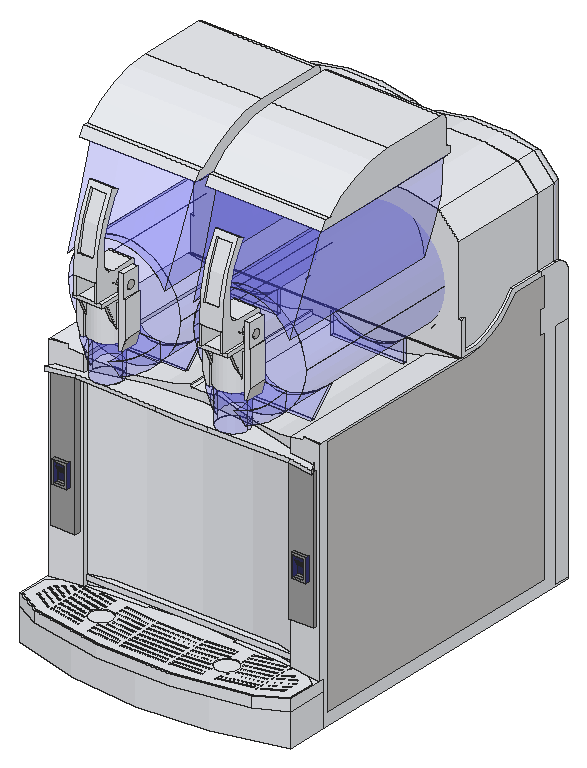
Revit family "QF_ELECTROLUXPROFESSIONAL_560050_NINA2UK", category Specialty Equipment, Revit 2018
Family settings
  Round Connector Dimension = Use Diameter
  Part Type = Normal
  Work Plane-Based = No
  Always vertical = Yes
  Cut with Voids When Loaded = No
  Shared = No
  Room Calculation Point = No
Parameters (values of type "QF_ELECTROLUX_560050_NINA2UK.rfa")
  Weight = 26.00 kg
  Watts = 0 W
  Volts = 230 V
  URL Manufacturer = "http://professional.electrolux.com"
  URL = "http://professional.electrolux.com"
  Steam Supply Size = 0 mm
  Steam Supply Minimum Pressure = 0.0 Pa
  Steam Supply Maximum Pressure = 0.0 Pa
  Steam Pounds per Hour = 0
  Refrigeration Suction Line Size = 0 mm
  Refrigeration Liquid Line Size = 0 mm
  Refrigerant Compressor Remote = yes
  Manufacturer = "Electrolux"
  Phase = 1
  Model = "NINA2UK"
  Length Actual = 280.0 mm  # constant formula
  Item Number = "560050"
  Hot Water Size = 0 mm
  Height Actual = 477.0 mm  # constant formula
  HP = "0.7 HP"
  Gas Size = 0 mm
  Gas KW = 0
  Gas Input Pressure = 0 W
  Direct Waste Size = 0 mm
  Description = "1X2 LT BOWL - FROZEN CREAM DISPENSER - 2 NON INSULATED BOWLS - WHITE - UK"
  Depth Actual = 387.0 mm  # constant formula
  Cycle = 50 Hz
  Condensate Return Size = 0 mm
  Compressed Air Volume = 0.0 L/s
  Compressed Air Size = 0 mm
  Compressed Air Pressure = 0.0 Pa
  Cold Water Size = 0 mm
  Accessory = yes
Reference planes
  plane 1 "Center (Front/Back)": y = 0
  plane 2 "BASE": z = 0
  plane 3 "Center (Left/Right)": x = 0
  plane 4 "FEET": z = 10
  plane 5 "FRONT": y = -175
  plane 6 "BACK": y = 212.5
  plane 7 "LEFT": x = -140
  plane 8 "RIGHT": x = 140
  plane 9: y = 152.5
  plane 10: y = -118.5
  plane 11: y = -77.5
  plane 12: z = 498
Forms (mm)
  Extrusion 1, solid, material "QF_Finishes_White"
    sketch origin (0, 0, 10) x (-1, 0, 0) y (0, -1, 0)
      loop
        line (140, -212.5) -> (140, 111) -> (-140, 111) -> (-140, -212.5) -> (140, -212.5)
    from 0 to 2
  Extrusion 2, solid, material "QF_Finishes_White"
    sketch origin (0, -5, 10) x (-1, 0, 0) y (0, -1, 0)
      loop
        line (140, 103.5) -> (106.954, 98.856) -> (106.954, 95.826)
        arc (106.954, 95.826) -> (0, 77.869) -> (-106.954, 95.826) r 327.496
        line (-106.954, 95.826) -> (-106.954, 98.856) -> (-140, 103.5) -> (-140, -201.772) -> (140, -201.772) -> (140, 103.5)
    from 265 to 0
  Extrusion 3, solid, material "QF_Finishes_Rubber Black"
    sketch origin (0, 0, 0) x (1, 0, 0) y (0, 1, 0)
      loop
        circle (-120, -77.5) r 6
    from 0 to 6
  Extrusion 4, solid, material "QF_Finishes_Rubber Black"
    sketch origin (0, 0, 0) x (1, 0, 0) y (0, 1, 0)
      loop
        circle (-120, -77.5) r 8
    from 6 to 10
  Extrusion 5, solid, material "QF_Finishes_Rubber Black"
    sketch origin (120, 0, 0) x (1, 0, 0) y (0, 1, 0)
      loop
        circle (0, -77.5) r 6
    from 0 to 6
  Extrusion 6, solid, material "QF_Finishes_Rubber Black"
    sketch origin (120, 0, 0) x (1, 0, 0) y (0, 1, 0)
      loop
        circle (0, -77.5) r 8
    from 6 to 10
  Extrusion 7, solid, material "QF_Finishes_Rubber Black"
    sketch origin (0, 210, 0) x (1, 0, 0) y (0, 1, 0)
      loop
        circle (-120, -57.5) r 6
    from 0 to 6
  Extrusion 8, solid, material "QF_Finishes_Rubber Black"
    sketch origin (0, 210, 0) x (1, 0, 0) y (0, 1, 0)
      loop
        circle (-120, -57.5) r 8
    from 6 to 10
  Extrusion 9, solid, material "QF_Finishes_Rubber Black"
    sketch origin (120, 210, 0) x (1, 0, 0) y (0, 1, 0)
      loop
        circle (0, -57.5) r 6
    from 0 to 6
  Extrusion 10, solid, material "QF_Finishes_Rubber Black"
    sketch origin (120, 210, 0) x (1, 0, 0) y (0, 1, 0)
      loop
        circle (0, -57.5) r 8
    from 6 to 10
  Extrusion 11, void
    sketch origin (0, -175, 0) x (-1, 0, 0) y (0, 0, 1)
      loop
        line (-106.954, 269.173) -> (-106.954, 266.696)
        arc (-106.954, 266.696) -> (-60, 258.966) -> (-13.046, 266.696) r 146.469
        line (-13.046, 266.696) -> (-13.046, 265.525)
        arc (-13.046, 265.525) -> (-12.46, 264.111) -> (-11.046, 263.525) r 2
        line (-11.046, 263.525) -> (11.046, 263.525)
        arc (11.046, 263.525) -> (12.46, 264.111) -> (13.046, 265.525) r 2
        line (13.046, 265.525) -> (13.046, 266.696)
        arc (13.046, 266.696) -> (60, 258.966) -> (106.954, 266.696) r 146.469
        line (106.954, 266.696) -> (106.954, 269.173) -> (140, 275) -> (140, 295) -> (-140, 295) -> (-140, 275) -> (-106.954, 269.173)
    from 69 to 247.582
  Extrusion 12, solid, material "QF_Finishes_White"
    sketch origin (0, 212.5, 0) x (-1, 0, 0) y (0, 0, 1)
      loop
        line (-140, 251.153) -> (140, 251.153) -> (140, 309.757) -> (137, 309.757) -> (137, 381.299) -> (116.549, 404.013)
        arc (116.549, 404.013) -> (65, 410.949) -> (13.451, 404.013) r 195.011
        line (13.451, 404.013) -> (0, 398.849) -> (-13.451, 404.013)
        arc (-13.451, 404.013) -> (-65, 410.949) -> (-116.549, 404.013) r 195.011
        line (-116.549, 404.013) -> (-137, 381.299) -> (-137, 309.747) -> (-140, 309.747) -> (-140, 251.153)
    from 0 to -35
  Sweep 13, void
    path origin (0, 212.5, 0) x (-1, 0, 0) y (0, 0, 1)
      loop
        line (140, 309.757) -> (137, 309.757) -> (137, 381.299) -> (116.549, 404.013)
        arc (116.549, 404.013) -> (65, 410.949) -> (13.451, 404.013) r 195.011
        line (13.451, 404.013) -> (0, 398.849) -> (-13.451, 404.013)
        arc (-13.451, 404.013) -> (-65, 410.949) -> (-116.549, 404.013) r 195.011
        line (-116.549, 404.013) -> (-137, 381.299) -> (-137, 309.747) -> (-140, 309.747)
    profile origin (126.774, 212.5, 392.656) x (-0.743145, 0, -0.669131) y (0, 1, 0)
      loop
        line (0, 0) -> (0, -14)
        arc (0, -14) -> (4.101, -4.101) -> (14, 0) r 14
        line (14, 0) -> (0, 0)
  Extrusion 14, void
    sketch origin (0, 212.5, 0) x (-1, 0, 0) y (0, 0, 1)
      loop
        line (16.817, 275.021) -> (113.183, 275.021) -> (113.183, 365.145)
        arc (113.183, 365.145) -> (65, 375.392) -> (16.817, 365.145) r 118.404
        line (16.817, 365.145) -> (16.817, 275.021)
      loop
        line (-16.817, 275.021) -> (-16.817, 365.145)
        arc (-16.817, 365.145) -> (-65, 375.392) -> (-113.183, 365.145) r 118.404
        line (-113.183, 365.145) -> (-113.183, 275.021) -> (-16.817, 275.021)
    from 0 to -5
  Extrusion 15, solid, material "QF_Finishes_White"
    sketch origin (0, 212.5, 0) x (-1, 0, 0) y (0, 0, 1)
      loop
        line (-140, 251.153) -> (-140, 12) -> (-56.141, 12) -> (-56.141, 40.419) -> (56.141, 40.419) -> (56.141, 12) -> (140, 12) -> (140, 251.153) -> (-140, 251.153)
    from 0 to -15.728
  Extrusion 16, solid, material "QF_Finishes_White"
    sketch origin (0, 0, 23) x (0, 1, 0) y (0, 0, 1)
      loop
        line (182.5, 250) -> (182.5, 281.747) -> (144.485, 281.747)
        arc (144.485, 281.747) -> (116.312, 257.654) -> (80.04, 250) r 74.988
        line (80.04, 250) -> (182.5, 250)
    from -80 to -75
  Extrusion 17, void
    sketch origin (140, 0, 0) x (0, -1, 0) y (0, 0, 1)
      loop
        line (-144.485, 304.747) -> (-182.5, 304.747) -> (-182.5, 274.585) -> (-98.821, 274.585)
        arc (-98.821, 274.585) -> (-124.503, 285.352) -> (-144.485, 304.747) r 74.988
    from 2 to 0
  Extrusion 18, void
    sketch origin (80, 0, 25) x (0, 1, 0) y (0, 0, -1)
      loop
        line (182.5, -250) -> (182.5, -245) -> (80.082, -245) -> (80.082, -248) -> (86.308, -248)
        arc (86.308, -248) -> (93.529, -248.653) -> (100.653, -250) r 74.988
        line (100.653, -250) -> (182.5, -250)
    from 0 to 2
  Extrusion 19, solid, material "QF_Finishes_Stainless Steel"
    sketch origin (140, 0, 0) x (0, -1, 0) y (0, 0, 1)
      loop
        line (-182.5, 22) -> (98.5, 22) -> (98.5, 273) -> (-86.308, 273)
        arc (-86.308, 273) -> (-93.529, 273.653) -> (-100.653, 275) r 74.988
        arc (-100.653, 275) -> (-125.283, 285.874) -> (-144.485, 304.747) r 74.988
        line (-144.485, 304.747) -> (-182.5, 304.747) -> (-182.5, 22)
    from 0 to 2
  Extrusion 20, solid, material "QF_Finishes_White"
    sketch origin (0, 212.5, 0) x (-1, 0, 0) y (0, 0, 1)
      loop
        line (13.451, 404.013) -> (0, 389.073) -> (-13.451, 404.013)
        arc (-13.451, 404.013) -> (-65, 410.949) -> (-116.549, 404.013) r 195.011
        line (-116.549, 404.013) -> (-137, 381.299) -> (-137, 309.747) -> (-140, 309.747) -> (-140, 275) -> (140, 275) -> (140, 309.757) -> (137, 309.757) -> (137, 381.299) -> (116.549, 404.013)
        arc (116.549, 404.013) -> (65, 410.949) -> (13.451, 404.013) r 195.011
    from -137.418 to -35
  Extrusion 21, solid, material "QF_Plastic-Black-Matte"
    sketch origin (-140, -10.476, 25) x (0, 1, 0) y (0, 0, 1)
      loop
        line (-98.024, 125.394) -> (-98.024, 139.994)
        arc (-98.024, 139.994) -> (-101.113, 140.604) -> (-103.877, 139.098) r 4.629
        line (-103.877, 139.098) -> (-100.57, 133.042) -> (-100.57, 125.394) -> (-98.024, 125.394)
    from 12.243 to 20.243
  Extrusion 22, solid, material "QF_Finishes_White"
    sketch origin (0, 0, 0) x (1, 0, 0) y (0, 1, 0)
      loop
        line (-140, -103.5) -> (-140, -145.5)
        arc (-140, -145.5) -> (0, -170.312) -> (140, -145.5) r 407.377
        line (140, -145.5) -> (140, -103.5) -> (106.954, -98.856) -> (106.954, -95.826)
        arc (106.954, -95.826) -> (0, -77.869) -> (-106.954, -95.826) r 327.496
        line (-106.954, -95.826) -> (-106.954, -98.856) -> (-140, -103.5)
    from 44.115 to 10
  Extrusion 23, solid, material "QF_Finishes_White"
    sketch origin (0, -175, 0) x (-1, 0, 0) y (0, 0, 1)
      loop
        line (106.954, 65.505) -> (-106.954, 65.505) -> (-106.954, 60.037) -> (106.954, 60.037) -> (106.954, 65.505)
    from 73.644 to 80.22
  Extrusion 24, void
    sketch origin (0, 0, 0) x (1, 0, 0) y (0, 1, 0)
      loop
        line (-138, -105.239) -> (-138, -137.462) -> (-109.325, -153.356)
        arc (-109.325, -153.356) -> (0, -167) -> (109.325, -153.356) r 444.831
        line (109.325, -153.356) -> (138, -137.462) -> (138, -105.239) -> (104.954, -100.594) -> (104.954, -97.548)
        arc (104.954, -97.548) -> (0, -80.148) -> (-104.954, -97.548) r 325.218
        line (-104.954, -97.548) -> (-104.954, -100.594) -> (-138, -105.239)
    from 55.5 to 23.889
  Extrusion 25, solid, material "QF_Finishes_White"
    sketch origin (0, 0, 0) x (1, 0, 0) y (0, 1, 0)
      loop
        line (-44.954, -100.084) -> (-123.341, -104.427) -> (-138, -116.081) -> (-138, -144.322) -> (-111.556, -158.98)
        arc (-111.556, -158.98) -> (0, -173) -> (111.556, -158.98) r 450.831
        line (111.556, -158.98) -> (138, -144.322) -> (138, -116.081) -> (123.341, -104.427) -> (44.954, -100.594) -> (44.954, -97.548)
        arc (44.954, -97.548) -> (0, -94.283) -> (-44.954, -97.548) r 311.082
        line (-44.954, -97.548) -> (-44.954, -100.084)
      loop
        circle (-65, -134.447) r 11.53
      loop
        arc (-104.707, -150.384) -> (-88.083, -154.11) -> (-71.328, -157.191) r 440.831
        line (-71.328, -157.191) -> (-71.328, -155.164)
        arc (-71.328, -155.164) -> (-88.084, -152.069) -> (-104.707, -148.325) r 438.831
        line (-104.707, -148.325) -> (-104.707, -150.384)
      loop
        line (-104.707, -105.973) -> (-104.707, -108.046)
        arc (-104.707, -108.046) -> (-88.098, -112.174) -> (-71.328, -115.586) r 399.831
        line (-71.328, -115.586) -> (-71.328, -113.554)
        arc (-71.328, -113.554) -> (-88.099, -110.123) -> (-104.707, -105.973) r 397.831
      loop
        arc (-104.707, -145.235) -> (-88.085, -149.006) -> (-71.328, -152.124) r 435.831
        line (-71.328, -152.124) -> (-71.328, -150.096)
        arc (-71.328, -150.096) -> (-88.086, -146.963) -> (-104.707, -143.175) r 433.831
        line (-104.707, -143.175) -> (-104.707, -145.235)
      loop
        arc (-104.707, -139.052) -> (-89.496, -142.58) -> (-74.168, -145.553) r 429.831
        line (-74.168, -145.553) -> (-74.168, -143.522)
        arc (-74.168, -143.522) -> (-89.497, -140.534) -> (-104.707, -136.989) r 427.831
        line (-104.707, -136.989) -> (-104.707, -139.052)
      loop
        arc (-104.707, -132.862) -> (-91.331, -136.043) -> (-77.858, -138.787) r 423.831
        line (-77.858, -138.787) -> (-77.858, -136.753)
        arc (-77.858, -136.753) -> (-91.331, -133.994) -> (-104.707, -130.798) r 421.831
        line (-104.707, -130.798) -> (-104.707, -132.862)
      loop
        arc (-104.707, -126.668) -> (-91.332, -129.896) -> (-77.858, -132.682) r 417.831
        line (-77.858, -132.682) -> (-77.858, -130.646)
        arc (-77.858, -130.646) -> (-91.333, -127.846) -> (-104.707, -124.601) r 415.831
        line (-104.707, -124.601) -> (-104.707, -126.668)
      loop
        arc (-104.707, -120.467) -> (-90.026, -124.04) -> (-75.223, -127.072) r 411.831
        line (-75.223, -127.072) -> (-75.223, -125.037)
        arc (-75.223, -125.037) -> (-90.027, -121.99) -> (-104.707, -118.399) r 409.831
        line (-104.707, -118.399) -> (-104.707, -120.467)
      loop
        arc (-104.707, -114.26) -> (-88.096, -118.323) -> (-71.328, -121.683) r 405.831
        line (-71.328, -121.683) -> (-71.328, -119.651)
        arc (-71.328, -119.651) -> (-88.097, -116.274) -> (-104.707, -112.189) r 403.831
        line (-104.707, -112.189) -> (-104.707, -114.26)
      loop
        arc (-88.807, -105.857) -> (-80.088, -107.771) -> (-71.328, -109.487) r 393.831
        line (-71.328, -109.487) -> (-71.328, -107.453)
        arc (-71.328, -107.453) -> (-80.088, -105.728) -> (-88.807, -103.804) r 391.831
        line (-88.807, -103.804) -> (-88.807, -105.857)
      loop
        line (-58.672, -109.582) -> (-58.672, -111.605)
        arc (-58.672, -111.605) -> (-42.843, -113.663) -> (-26.943, -115.077) r 393.831
        line (-26.943, -115.077) -> (-26.943, -113.073)
        arc (-26.943, -113.073) -> (-42.843, -111.651) -> (-58.672, -109.582) r 391.831
      loop
        line (-58.672, -157.06) -> (-58.672, -159.078)
        arc (-58.672, -159.078) -> (-42.835, -160.914) -> (-26.943, -162.176) r 440.831
        line (-26.943, -162.176) -> (-26.943, -160.172)
        arc (-26.943, -160.172) -> (-42.836, -158.904) -> (-58.672, -157.06) r 438.831
      loop
        arc (-58.672, -154.033) -> (-42.836, -155.89) -> (-26.943, -157.166) r 435.831
        line (-26.943, -157.166) -> (-26.943, -155.163)
        arc (-26.943, -155.163) -> (-42.836, -153.88) -> (-58.672, -152.014) r 433.831
        line (-58.672, -152.014) -> (-58.672, -154.033)
      loop
        arc (-58.672, -147.977) -> (-42.837, -149.86) -> (-26.943, -151.155) r 429.831
        line (-26.943, -151.155) -> (-26.943, -149.151)
        arc (-26.943, -149.151) -> (-42.837, -147.85) -> (-58.672, -145.958) r 427.831
        line (-58.672, -145.958) -> (-58.672, -147.977)
      loop
        arc (-53, -142.673) -> (-39.99, -144.109) -> (-26.943, -145.143) r 423.831
        line (-26.943, -145.143) -> (-26.943, -143.139)
        arc (-26.943, -143.139) -> (-39.991, -142.1) -> (-53, -140.657) r 421.831
        line (-53, -140.657) -> (-53, -142.673)
      loop
        arc (-51.012, -136.874) -> (-38.993, -138.177) -> (-26.943, -139.13) r 417.831
        line (-26.943, -139.13) -> (-26.943, -137.126)
        arc (-26.943, -137.126) -> (-38.994, -136.168) -> (-51.012, -134.859) r 415.831
        line (-51.012, -134.859) -> (-51.012, -136.874)
      loop
        arc (-51.012, -130.829) -> (-38.994, -132.15) -> (-26.943, -133.118) r 411.831
        line (-26.943, -133.118) -> (-26.943, -131.113)
        arc (-26.943, -131.113) -> (-38.994, -130.141) -> (-51.012, -128.813) r 409.831
        line (-51.012, -128.813) -> (-51.012, -130.829)
      loop
        arc (-58.672, -123.736) -> (-42.841, -125.732) -> (-26.943, -127.105) r 405.831
        line (-26.943, -127.105) -> (-26.943, -125.1)
        arc (-26.943, -125.1) -> (-42.841, -123.721) -> (-58.672, -121.715) r 403.831
        line (-58.672, -121.715) -> (-58.672, -123.736)
      loop
        arc (-58.672, -117.672) -> (-42.842, -119.698) -> (-26.943, -121.091) r 399.831
        line (-26.943, -121.091) -> (-26.943, -119.087)
        arc (-26.943, -119.087) -> (-42.842, -117.686) -> (-58.672, -115.65) r 397.831
        line (-58.672, -115.65) -> (-58.672, -117.672)
      loop
        arc (23.123, -113.317) -> (0, -114) -> (-23.123, -113.317) r 391.831
        line (-23.123, -113.317) -> (-23.123, -115.321)
        arc (-23.123, -115.321) -> (0, -116) -> (23.123, -115.321) r 393.831
        line (23.123, -115.321) -> (23.123, -113.317)
      loop
        arc (23.123, -119.327) -> (0, -120) -> (-23.123, -119.327) r 397.831
        line (-23.123, -119.327) -> (-23.123, -121.331)
        arc (-23.123, -121.331) -> (0, -122) -> (23.123, -121.331) r 399.831
        line (23.123, -121.331) -> (23.123, -119.327)
      loop
        arc (23.123, -125.337) -> (0, -126) -> (-23.123, -125.337) r 403.831
        line (-23.123, -125.337) -> (-23.123, -127.341)
        arc (-23.123, -127.341) -> (0, -128) -> (23.123, -127.341) r 405.831
        line (23.123, -127.341) -> (23.123, -125.337)
      loop
        arc (23.123, -131.347) -> (0, -132) -> (-23.123, -131.347) r 409.831
        line (-23.123, -131.347) -> (-23.123, -133.35)
        arc (-23.123, -133.35) -> (0, -134) -> (23.123, -133.35) r 411.831
        line (23.123, -133.35) -> (23.123, -131.347)
      loop
        arc (23.123, -137.357) -> (0, -138) -> (-23.123, -137.357) r 415.831
        line (-23.123, -137.357) -> (-23.123, -139.36)
        arc (-23.123, -139.36) -> (0, -140) -> (23.123, -139.36) r 417.831
        line (23.123, -139.36) -> (23.123, -137.357)
      loop
        arc (23.123, -143.366) -> (0, -144) -> (-23.123, -143.366) r 421.831
        line (-23.123, -143.366) -> (-23.123, -145.369)
        arc (-23.123, -145.369) -> (0, -146) -> (23.123, -145.369) r 423.831
        line (23.123, -145.369) -> (23.123, -143.366)
      loop
        arc (23.123, -149.375) -> (0, -150) -> (-23.123, -149.375) r 427.831
        line (-23.123, -149.375) -> (-23.123, -151.378)
        arc (-23.123, -151.378) -> (0, -152) -> (23.123, -151.378) r 429.831
        line (23.123, -151.378) -> (23.123, -149.375)
      loop
        arc (23.123, -155.383) -> (0, -156) -> (-23.123, -155.383) r 433.831
        line (-23.123, -155.383) -> (-23.123, -157.386)
        arc (-23.123, -157.386) -> (0, -158) -> (23.123, -157.386) r 435.831
        line (23.123, -157.386) -> (23.123, -155.383)
      loop
        arc (23.123, -160.39) -> (0, -161) -> (-23.123, -160.39) r 438.831
        line (-23.123, -160.39) -> (-23.123, -162.393)
        arc (-23.123, -162.393) -> (0, -163) -> (23.123, -162.393) r 440.831
        line (23.123, -162.393) -> (23.123, -160.39)
      loop
        line (-128, -138.431) -> (-107.36, -149.872) -> (-107.36, -147.586) -> (-128, -136.145) -> (-128, -138.431)
      loop
        line (-128, -131.571) -> (-107.36, -143.012) -> (-107.36, -140.725) -> (-128, -129.285) -> (-128, -131.571)
      loop
        line (-128, -124.711) -> (-107.36, -136.152) -> (-107.36, -133.865) -> (-128, -122.425) -> (-128, -124.711)
      loop
        line (-125.736, -119.106) -> (-107.36, -129.292) -> (-107.36, -127.005) -> (-124.042, -117.759) -> (-125.736, -119.106)
      loop
        line (-120.652, -115.064) -> (-107.36, -122.432) -> (-107.36, -120.145) -> (-118.958, -113.717) -> (-120.652, -115.064)
      loop
        line (-115.568, -111.022) -> (-107.36, -115.572) -> (-107.36, -113.285) -> (-113.873, -109.675) -> (-115.568, -111.022)
      loop
        line (-110.484, -106.98) -> (-107.36, -108.712) -> (-107.36, -106.425) -> (-108.789, -105.633) -> (-110.484, -106.98)
      loop
        circle (65, -134.447) r 11.53
      loop
        line (104.707, -150.384) -> (104.707, -148.325)
        arc (104.707, -148.325) -> (88.084, -152.069) -> (71.328, -155.164) r 438.831
        line (71.328, -155.164) -> (71.328, -157.191)
        arc (71.328, -157.191) -> (88.083, -154.11) -> (104.707, -150.384) r 440.831
      loop
        arc (104.707, -105.973) -> (88.099, -110.123) -> (71.328, -113.554) r 397.831
        line (71.328, -113.554) -> (71.328, -115.586)
        arc (71.328, -115.586) -> (88.098, -112.174) -> (104.707, -108.046) r 399.831
        line (104.707, -108.046) -> (104.707, -105.973)
      loop
        line (104.707, -145.235) -> (104.707, -143.175)
        arc (104.707, -143.175) -> (88.086, -146.963) -> (71.328, -150.096) r 433.831
        line (71.328, -150.096) -> (71.328, -152.124)
        arc (71.328, -152.124) -> (88.085, -149.006) -> (104.707, -145.235) r 435.831
      loop
        line (104.707, -139.052) -> (104.707, -136.989)
        arc (104.707, -136.989) -> (89.497, -140.534) -> (74.168, -143.522) r 427.831
        line (74.168, -143.522) -> (74.168, -145.553)
        arc (74.168, -145.553) -> (89.496, -142.58) -> (104.707, -139.052) r 429.831
      loop
        line (104.707, -132.862) -> (104.707, -130.798)
        arc (104.707, -130.798) -> (91.331, -133.994) -> (77.858, -136.753) r 421.831
        line (77.858, -136.753) -> (77.858, -138.787)
        arc (77.858, -138.787) -> (91.331, -136.043) -> (104.707, -132.862) r 423.831
      loop
        line (104.707, -126.668) -> (104.707, -124.601)
        arc (104.707, -124.601) -> (91.333, -127.846) -> (77.858, -130.646) r 415.831
        line (77.858, -130.646) -> (77.858, -132.682)
        arc (77.858, -132.682) -> (91.332, -129.896) -> (104.707, -126.668) r 417.831
      loop
        line (104.707, -120.467) -> (104.707, -118.399)
        arc (104.707, -118.399) -> (90.027, -121.99) -> (75.223, -125.037) r 409.831
        line (75.223, -125.037) -> (75.223, -127.072)
        arc (75.223, -127.072) -> (90.026, -124.04) -> (104.707, -120.467) r 411.831
      loop
        line (104.707, -114.26) -> (104.707, -112.189)
        arc (104.707, -112.189) -> (88.097, -116.274) -> (71.328, -119.651) r 403.831
        line (71.328, -119.651) -> (71.328, -121.683)
        arc (71.328, -121.683) -> (88.096, -118.323) -> (104.707, -114.26) r 405.831
      loop
        line (88.807, -105.857) -> (88.807, -103.804)
        arc (88.807, -103.804) -> (80.088, -105.728) -> (71.328, -107.453) r 391.831
        line (71.328, -107.453) -> (71.328, -109.487)
        arc (71.328, -109.487) -> (80.088, -107.771) -> (88.807, -105.857) r 393.831
      loop
        arc (58.672, -109.582) -> (42.843, -111.651) -> (26.943, -113.073) r 391.831
        line (26.943, -113.073) -> (26.943, -115.077)
        arc (26.943, -115.077) -> (42.843, -113.663) -> (58.672, -111.605) r 393.831
        line (58.672, -111.605) -> (58.672, -109.582)
      loop
        arc (58.672, -157.06) -> (42.836, -158.904) -> (26.943, -160.172) r 438.831
        line (26.943, -160.172) -> (26.943, -162.176)
        arc (26.943, -162.176) -> (42.835, -160.914) -> (58.672, -159.078) r 440.831
        line (58.672, -159.078) -> (58.672, -157.06)
      loop
        line (58.672, -154.033) -> (58.672, -152.014)
        arc (58.672, -152.014) -> (42.836, -153.88) -> (26.943, -155.163) r 433.831
        line (26.943, -155.163) -> (26.943, -157.166)
        arc (26.943, -157.166) -> (42.836, -155.89) -> (58.672, -154.033) r 435.831
      loop
        line (58.672, -147.977) -> (58.672, -145.958)
        arc (58.672, -145.958) -> (42.837, -147.85) -> (26.943, -149.151) r 427.831
        line (26.943, -149.151) -> (26.943, -151.155)
        arc (26.943, -151.155) -> (42.837, -149.86) -> (58.672, -147.977) r 429.831
      loop
        line (53, -142.673) -> (53, -140.657)
        arc (53, -140.657) -> (39.991, -142.1) -> (26.943, -143.139) r 421.831
        line (26.943, -143.139) -> (26.943, -145.143)
        arc (26.943, -145.143) -> (39.99, -144.109) -> (53, -142.673) r 423.831
      loop
        line (51.012, -136.874) -> (51.012, -134.859)
        arc (51.012, -134.859) -> (38.994, -136.168) -> (26.943, -137.126) r 415.831
        line (26.943, -137.126) -> (26.943, -139.13)
        arc (26.943, -139.13) -> (38.993, -138.177) -> (51.012, -136.874) r 417.831
      loop
        line (51.012, -130.829) -> (51.012, -128.813)
        arc (51.012, -128.813) -> (38.994, -130.141) -> (26.943, -131.113) r 409.831
        line (26.943, -131.113) -> (26.943, -133.118)
        arc (26.943, -133.118) -> (38.994, -132.15) -> (51.012, -130.829) r 411.831
      loop
        line (58.672, -123.736) -> (58.672, -121.715)
        arc (58.672, -121.715) -> (42.841, -123.721) -> (26.943, -125.1) r 403.831
        line (26.943, -125.1) -> (26.943, -127.105)
        arc (26.943, -127.105) -> (42.841, -125.732) -> (58.672, -123.736) r 405.831
      loop
        line (58.672, -117.672) -> (58.672, -115.65)
        arc (58.672, -115.65) -> (42.842, -117.686) -> (26.943, -119.087) r 397.831
        line (26.943, -119.087) -> (26.943, -121.091)
        arc (26.943, -121.091) -> (42.842, -119.698) -> (58.672, -117.672) r 399.831
      loop
        line (128, -138.431) -> (128, -136.145) -> (107.36, -147.586) -> (107.36, -149.872) -> (128, -138.431)
      loop
        line (128, -131.571) -> (128, -129.285) -> (107.36, -140.725) -> (107.36, -143.012) -> (128, -131.571)
      loop
        line (128, -124.711) -> (128, -122.425) -> (107.36, -133.865) -> (107.36, -136.152) -> (128, -124.711)
      loop
        line (125.736, -119.106) -> (124.042, -117.759) -> (107.36, -127.005) -> (107.36, -129.292) -> (125.736, -119.106)
      loop
        line (120.652, -115.064) -> (118.958, -113.717) -> (107.36, -120.145) -> (107.36, -122.432) -> (120.652, -115.064)
      loop
        line (115.568, -111.022) -> (113.873, -109.675) -> (107.36, -113.285) -> (107.36, -115.572) -> (115.568, -111.022)
      loop
        line (110.484, -106.98) -> (108.789, -105.633) -> (107.36, -106.425) -> (107.36, -108.712) -> (110.484, -106.98)
    from 50.2 to 55.5
  Extrusion 26, void
    sketch origin (0, 0, 0) x (1, 0, 0) y (0, 1, 0)
      loop
        line (-110, 212.5) -> (-25.251, 187.751) -> (-25.251, 177.5) -> (25.251, 177.5) -> (25.251, 187.751) -> (110, 212.5) -> (-110, 212.5)
    from 10 to 44.899
  Extrusion 27, solid, material "QF_Finishes_Rubber Black"
    sketch origin (0, 212.5, 0) x (-1, 0, 0) y (0, 0, 1)
      loop
        circle (0, 25.877) r 10
    from -24.749 to -18.988
  Extrusion 28, solid, material "QF_Finishes_Gray"
    sketch origin (0, -175, 23.376) x (1, 0, 0) y (0, 0, -1)
      loop
        line (-110.904, -226.255) -> (-110.904, -81.255) -> (-135.904, -81.255) -> (-135.904, -226.255) -> (-110.904, -226.255)
    from 64 to 71.144
  Extrusion 29, solid, material "QF_Finishes_Dark Grey"
    sketch origin (0, -175, 25) x (1, 0, 0) y (0, 0, -1)
      loop
        line (-116.257, -145.034) -> (-116.257, -121.212) -> (-131.257, -121.212) -> (-131.257, -145.034) -> (-116.257, -145.034)
      loop
        line (-118.257, -143.034) -> (-118.257, -123.212) -> (-129.257, -123.212) -> (-129.257, -143.034) -> (-118.257, -143.034)
    from 60 to 68
  Extrusion 30, solid, material "QF_Plastic-Black-Matte"
    sketch origin (140, -10.476, 25) x (0, 1, 0) y (0, 0, -1)
      loop
        line (-98.024, -125.394) -> (-100.57, -125.394) -> (-100.57, -133.042) -> (-103.877, -139.098)
        arc (-103.877, -139.098) -> (-101.113, -140.604) -> (-98.024, -139.994) r 4.629
        line (-98.024, -139.994) -> (-98.024, -125.394)
    from 12.243 to 20.243
  Extrusion 31, solid, material "QF_Finishes_Gray"
    sketch origin (0, -175, 23.376) x (-1, 0, 0) y (0, 0, 1)
      loop
        line (-110.904, 226.255) -> (-135.904, 226.255) -> (-135.904, 81.255) -> (-110.904, 81.255) -> (-110.904, 226.255)
    from 64 to 71.144
  Extrusion 32, solid, material "QF_Finishes_Dark Grey"
    sketch origin (0, -175, 25) x (-1, 0, 0) y (0, 0, 1)
      loop
        line (-116.257, 145.034) -> (-131.257, 145.034) -> (-131.257, 121.212) -> (-116.257, 121.212) -> (-116.257, 145.034)
      loop
        line (-118.257, 143.034) -> (-129.257, 143.034) -> (-129.257, 123.212) -> (-118.257, 123.212) -> (-118.257, 143.034)
    from 60 to 68
  Extrusion 33, void
    sketch origin (140, 0, 0) x (0, -1, 0) y (0, 0, 1)
      loop
        line (-182.5, 22) -> (98.5, 22) -> (98.5, 273) -> (-86.308, 273)
        arc (-86.308, 273) -> (-93.529, 273.653) -> (-100.653, 275) r 74.988
        arc (-100.653, 275) -> (-127.713, 287.595) -> (-147.717, 309.747) r 74.988
        line (-147.717, 309.747) -> (-182.5, 309.747) -> (-182.5, 22)
    from 0 to 2
  Extrusion 34, void
    sketch origin (140, 0, 0) x (0, -1, 0) y (0, 0, 1)
      loop
        line (-80.082, 278.003) -> (-80.082, 313.557) -> (-144.144, 313.557)
        arc (-144.144, 313.557) -> (-117.137, 286.727) -> (-80.082, 278.003) r 69.988
    from 0 to 3
  Extrusion 35, void
    sketch origin (-140, 0, 0) x (0, -1, 0) y (0, 0, -1)
      loop
        line (-182.5, -22) -> (-182.5, -275) -> (-100.653, -275)
        arc (-100.653, -275) -> (-93.529, -273.653) -> (-86.308, -273) r 74.988
        line (-86.308, -273) -> (98.5, -273) -> (98.5, -22) -> (-182.5, -22)
    from 0 to 2
  Extrusion 36, void
    sketch origin (-140, 0, 0) x (0, -1, 0) y (0, 0, -1)
      loop
        arc (-80.082, -278.003) -> (-117.137, -286.727) -> (-144.144, -313.557) r 69.988
        line (-144.144, -313.557) -> (-80.082, -313.557) -> (-80.082, -278.003)
    from 0 to 3
  Extrusion 37, void
    sketch origin (-140, 0, 0) x (0, 1, 0) y (0, 0, 1)
      loop
        arc (144.485, 304.747) -> (125.283, 285.874) -> (100.653, 275) r 74.988
        line (100.653, 275) -> (182.5, 275) -> (182.5, 304.747) -> (144.485, 304.747)
    from 0 to 2
  Extrusion 38, solid, material "QF_Finishes_Stainless Steel"
    sketch origin (-140, 0, 0) x (0, 1, 0) y (0, 0, 1)
      loop
        line (182.5, 22) -> (182.5, 304.747) -> (144.485, 304.747)
        arc (144.485, 304.747) -> (119.094, 282.098) -> (86.308, 273) r 74.988
        line (86.308, 273) -> (-98.5, 273) -> (-98.5, 22) -> (182.5, 22)
    from 0 to 2
  Extrusion 39, solid, material "QF_Finishes_White"
    sketch origin (0, 0, 0) x (1, 0, 0) y (0, 1, 0)
      loop
        line (-110.904, -111) -> (-26.943, -113.073)
        arc (-26.943, -113.073) -> (0, -114.518) -> (26.943, -113.073) r 251.878
        line (26.943, -113.073) -> (110.904, -111) -> (138, -116.081) -> (129.918, -102.083) -> (106.954, -98.856) -> (106.954, -95.826)
        arc (106.954, -95.826) -> (0, -77.869) -> (-106.954, -95.826) r 327.496
        line (-106.954, -95.826) -> (-106.954, -98.856) -> (-129.918, -102.083) -> (-138, -116.081) -> (-110.904, -111)
    from 249.631 to 253.978
  Extrusion 40, solid, material "QF_Finishes_White"
    sketch origin (0, 0, 0) x (1, 0, 0) y (0, 1, 0)
      loop
        line (-140, -103.5) -> (-140, -145.5) -> (-112.301, -160.854)
        arc (-112.301, -160.854) -> (0, -175) -> (112.301, -160.854) r 452.831
        line (112.301, -160.854) -> (140, -145.5) -> (140, -103.5) -> (106.954, -98.856) -> (106.954, -95.826)
        arc (106.954, -95.826) -> (0, -77.869) -> (-106.954, -95.826) r 327.496
        line (-106.954, -95.826) -> (-106.954, -98.856) -> (-140, -103.5)
    from 55.5 to 44.115
  Extrusion 41, solid, material "QF_Clearances", detail levels coarse
    sketch origin (-130.708, 37.984, 0) x (1, 0, 0) y (0, 1, 0)
      loop
        line (-9.292, -212.984) -> (-9.292, 174.516) -> (270.708, 174.516) -> (270.708, -212.984) -> (420.708, -212.984) -> (420.708, 324.516) -> (-159.292, 324.516) -> (-159.292, -212.984) -> (-9.292, -212.984)
    from 0 to 498
Cuts and joins
  Extrusion 24, Extrusion 26, Extrusion 35, Extrusion 37 cuts Extrusion 1
  Extrusion 11, Extrusion 17, Extrusion 18, Extrusion 26, Extrusion 33, Extrusion 35, Extrusion 37 cuts Extrusion 2
  Sweep 13, Extrusion 14, Extrusion 17, Extrusion 18, Extrusion 26, Extrusion 35, Extrusion 37 cuts Extrusion 12
  Extrusion 17, Extrusion 18, Extrusion 26, Extrusion 35, Extrusion 37 cuts Extrusion 16
  joined: Extrusion 1, Extrusion 2, Extrusion 12, Extrusion 16
  Extrusion 24 cuts Extrusion 22
  Extrusion 17, Extrusion 34, Extrusion 35, Extrusion 36, Extrusion 37 cuts Extrusion 20
  Extrusion 26 cuts Extrusion 15
  Extrusion 35 cuts Extrusion 19
Lines and regions (mm)
  Split face 1
    outline origin (0, -111, 23.376) x (1, 0, 0) y (0, 0, 1)
      loop
        line (-122.947, 214.275) -> (-125.479, 214.275) -> (-125.479, 210.296) -> (-129.457, 210.296) -> (-129.457, 207.765) -> (-125.479, 207.765) -> (-125.479, 203.787) -> (-122.947, 203.787) -> (-122.947, 207.765) -> (-118.969, 207.765) -> (-118.969, 210.296) -> (-122.947, 210.296) -> (-122.947, 214.275)
  Split face 2
    outline origin (0, -111, 23.376) x (1, 0, 0) y (0, 0, 1)
      loop
        line (-118.969, 114.095) -> (-129.457, 114.095) -> (-129.457, 111.563) -> (-118.969, 111.563) -> (-118.969, 114.095)
  Split face 3
    outline origin (0, -111, 23.376) x (1, 0, 0) y (0, 0, 1)
      loop
        line (-121.32, 199.266) -> (-127.287, 199.266) -> (-127.287, 196.825) -> (-121.32, 196.825) -> (-121.32, 199.266)
  Split face 4
    outline origin (0, -111, 19.85) x (1, 0, 0) y (0, 0, 1)
      loop
        line (-121.32, 199.266) -> (-127.287, 199.266) -> (-127.287, 196.825) -> (-121.32, 196.825) -> (-121.32, 199.266)
  Split face 5
    outline origin (0, -111, 16.414) x (1, 0, 0) y (0, 0, 1)
      loop
        line (-121.32, 199.266) -> (-127.287, 199.266) -> (-127.287, 196.825) -> (-121.32, 196.825) -> (-121.32, 199.266)
  Split face 6
    outline origin (0, -111, 12.888) x (1, 0, 0) y (0, 0, 1)
      loop
        line (-121.32, 199.266) -> (-127.287, 199.266) -> (-127.287, 196.825) -> (-121.32, 196.825) -> (-121.32, 199.266)
  Split face 7
    outline origin (0, -111, 9.376) x (1, 0, 0) y (0, 0, 1)
      loop
        line (-121.32, 199.266) -> (-127.287, 199.266) -> (-127.287, 196.825) -> (-121.32, 196.825) -> (-121.32, 199.266)
  Split face 8
    outline origin (0, -111, 5.85) x (1, 0, 0) y (0, 0, 1)
      loop
        line (-121.32, 199.266) -> (-127.287, 199.266) -> (-127.287, 196.825) -> (-121.32, 196.825) -> (-121.32, 199.266)
  Split face 9
    outline origin (0, -111, 2.414) x (1, 0, 0) y (0, 0, 1)
      loop
        line (-121.32, 199.266) -> (-127.287, 199.266) -> (-127.287, 196.825) -> (-121.32, 196.825) -> (-121.32, 199.266)
  Split face 10
    outline origin (0, -111, -1.112) x (1, 0, 0) y (0, 0, 1)
      loop
        line (-121.32, 199.266) -> (-127.287, 199.266) -> (-127.287, 196.825) -> (-121.32, 196.825) -> (-121.32, 199.266)
  Split face 11
    outline origin (0, -111, 23.376) x (-1, 0, 0) y (0, 0, 1)
      loop
        line (-122.947, 214.275) -> (-125.479, 214.275) -> (-125.479, 210.296) -> (-129.457, 210.296) -> (-129.457, 207.765) -> (-125.479, 207.765) -> (-125.479, 203.787) -> (-122.947, 203.787) -> (-122.947, 207.765) -> (-118.969, 207.765) -> (-118.969, 210.296) -> (-122.947, 210.296) -> (-122.947, 214.275)
  Split face 12
    outline origin (0, -111, 23.376) x (-1, 0, 0) y (0, 0, 1)
      loop
        line (-118.969, 114.095) -> (-129.457, 114.095) -> (-129.457, 111.563) -> (-118.969, 111.563) -> (-118.969, 114.095)
  Split face 13
    outline origin (0, -111, 23.376) x (-1, 0, 0) y (0, 0, 1)
      loop
        line (-121.32, 199.266) -> (-127.287, 199.266) -> (-127.287, 196.825) -> (-121.32, 196.825) -> (-121.32, 199.266)
  Split face 14
    outline origin (0, -111, 19.85) x (-1, 0, 0) y (0, 0, 1)
      loop
        line (-121.32, 199.266) -> (-127.287, 199.266) -> (-127.287, 196.825) -> (-121.32, 196.825) -> (-121.32, 199.266)
  Split face 15
    outline origin (0, -111, 16.414) x (-1, 0, 0) y (0, 0, 1)
      loop
        line (-121.32, 199.266) -> (-127.287, 199.266) -> (-127.287, 196.825) -> (-121.32, 196.825) -> (-121.32, 199.266)
  Split face 16
    outline origin (0, -111, 12.888) x (-1, 0, 0) y (0, 0, 1)
      loop
        line (-121.32, 199.266) -> (-127.287, 199.266) -> (-127.287, 196.825) -> (-121.32, 196.825) -> (-121.32, 199.266)
  Split face 17
    outline origin (0, -111, 9.376) x (-1, 0, 0) y (0, 0, 1)
      loop
        line (-121.32, 199.266) -> (-127.287, 199.266) -> (-127.287, 196.825) -> (-121.32, 196.825) -> (-121.32, 199.266)
  Split face 18
    outline origin (0, -111, 5.85) x (-1, 0, 0) y (0, 0, 1)
      loop
        line (-121.32, 199.266) -> (-127.287, 199.266) -> (-127.287, 196.825) -> (-121.32, 196.825) -> (-121.32, 199.266)
  Split face 19
    outline origin (0, -111, 2.414) x (-1, 0, 0) y (0, 0, 1)
      loop
        line (-121.32, 199.266) -> (-127.287, 199.266) -> (-127.287, 196.825) -> (-121.32, 196.825) -> (-121.32, 199.266)
  Split face 20
    outline origin (0, -111, -1.112) x (-1, 0, 0) y (0, 0, 1)
      loop
        line (-121.32, 199.266) -> (-127.287, 199.266) -> (-127.287, 196.825) -> (-121.32, 196.825) -> (-121.32, 199.266)
  symbolic lines
    curve 1: line (-140, 212.5, 0) -> (-140, -145.5, 0)
    curve 2: line (140, -145.5, 0) -> (140, 212.5, 0)
    curve 3: line (140, 212.5, 0) -> (-140, 212.5, 0)
    curve 4: spline (-108.946, 212.467, 0) -> (-109.891, 212.395, 0) -> (-110.822, 212.094, 0) -> (-111.727, 211.569, 0) -> (-112.589, 210.83, 0) -> (-113.395, 209.886, 0) -> (-114.133, 208.754, 0) -> (-114.789, 207.452, 0) -> (-115.355, 206.001, 0) -> (-115.82, 204.424, 0) -> (-116.178, 202.746, 0) -> (-116.422, 200.995, 0) -> (-116.549, 199.198, 0)
    curve 5: arc (-123, 212.5, 0) -> (-132.899, 208.399, 0) -> (-137, 198.5, 0) r 14
    curve 6: spline (-13.451, 198.523, 0) -> (-13.498, 200.349, 0) -> (-13.617, 202.144, 0) -> (-13.806, 203.876, 0) -> (-14.063, 205.516, 0) -> (-14.382, 207.036, 0) -> (-14.759, 208.411, 0) -> (-15.186, 209.616, 0) -> (-15.657, 210.631, 0) -> (-16.164, 211.439, 0) -> (-16.698, 212.026, 0) -> (-17.249, 212.381, 0) -> (-17.809, 212.5, 0)
    curve 7: spline (17.809, 212.499, 0) -> (17.244, 212.382, 0) -> (16.689, 212.031, 0) -> (16.153, 211.452, 0) -> (15.645, 210.653, 0) -> (15.173, 209.65, 0) -> (14.746, 208.459, 0) -> (14.37, 207.099, 0) -> (14.052, 205.594, 0) -> (13.798, 203.97, 0) -> (13.611, 202.253, 0) -> (13.495, 200.472, 0) -> (13.451, 198.658, 0)
    curve 8: spline (116.549, 198.668, 0) -> (116.412, 200.516, 0) -> (116.158, 202.324, 0) -> (115.791, 204.063, 0) -> (115.317, 205.703, 0) -> (114.745, 207.216, 0) -> (114.083, 208.576, 0) -> (113.344, 209.762, 0) -> (112.539, 210.753, 0) -> (111.682, 211.532, 0) -> (110.787, 212.086, 0) -> (109.87, 212.406, 0) -> (108.946, 212.487, 0)
    curve 9: arc (123, 212.5, 0) -> (132.899, 208.399, 0) -> (137, 198.5, 0) r 14
    curve 10: line (137, -108.078, 0) -> (137, 198.5, 0)
    curve 11: line (-116.549, 90.474, 0) -> (-116.549, 199.198, 0)
    curve 12: line (-13.451, 90.474, 0) -> (-13.451, 198.523, 0)
    curve 13: line (13.451, 90.474, 0) -> (13.451, 198.658, 0)
    curve 14: line (116.549, 90.474, 0) -> (116.549, 198.668, 0)
    curve 15: line (-140, -145.5, 0) -> (-112.301, -160.854, 0)
    curve 16: arc (-112.301, -160.854, 0) -> (0, -175, 0) -> (112.301, -160.854, 0) r 452.831
    curve 17: arc (-111.556, -158.98, 0) -> (0, -173, 0) -> (111.556, -158.98, 0) r 450.831
    curve 18: line (-138, -144.322, 0) -> (-111.556, -158.98, 0)
    curve 19: line (-138, -116.081, 0) -> (-138, -144.322, 0)
    curve 20: line (112.301, -160.854, 0) -> (140, -145.5, 0)
    curve 21: line (111.556, -158.98, 0) -> (138, -144.322, 0)
    curve 22: line (138, -144.322, 0) -> (138, -116.081, 0)
    curve 23: line (128, -138.431, 0) -> (107.36, -149.872, 0)
    curve 24: arc (104.707, -150.384, 0) -> (88.083, -154.11, 0) -> (71.328, -157.191, 0) r 440.831
    curve 25: arc (58.672, -159.078, 0) -> (42.835, -160.914, 0) -> (26.943, -162.176, 0) r 440.831
    curve 26: arc (23.123, -162.393, 0) -> (0, -163, 0) -> (-23.123, -162.393, 0) r 440.831
    curve 27: arc (-23.123, -160.39, 0) -> (0, -161, 0) -> (23.123, -160.39, 0) r 438.831
    curve 28: arc (23.123, -157.386, 0) -> (0, -158, 0) -> (-23.123, -157.386, 0) r 435.831
    curve 29: arc (-23.123, -155.383, 0) -> (0, -156, 0) -> (23.123, -155.383, 0) r 433.831
    curve 30: arc (23.123, -151.378, 0) -> (0, -152, 0) -> (-23.123, -151.378, 0) r 429.831
    curve 31: arc (-23.123, -149.375, 0) -> (0, -150, 0) -> (23.123, -149.375, 0) r 427.831
    curve 32: arc (23.123, -145.369, 0) -> (0, -146, 0) -> (-23.123, -145.369, 0) r 423.831
    curve 33: arc (-23.123, -143.366, 0) -> (0, -144, 0) -> (23.123, -143.366, 0) r 421.831
    curve 34: arc (23.123, -139.36, 0) -> (0, -140, 0) -> (-23.123, -139.36, 0) r 417.831
    curve 35: arc (-23.123, -137.357, 0) -> (0, -138, 0) -> (23.123, -137.357, 0) r 415.831
    curve 36: arc (23.123, -133.35, 0) -> (0, -134, 0) -> (-23.123, -133.35, 0) r 411.831
    curve 37: arc (-23.123, -131.347, 0) -> (0, -132, 0) -> (23.123, -131.347, 0) r 409.831
    curve 38: arc (23.123, -127.341, 0) -> (0, -128, 0) -> (-23.123, -127.341, 0) r 405.831
    curve 39: arc (-23.123, -125.337, 0) -> (0, -126, 0) -> (23.123, -125.337, 0) r 403.831
    curve 40: arc (23.123, -121.331, 0) -> (0, -122, 0) -> (-23.123, -121.331, 0) r 399.831
    curve 41: arc (-23.123, -119.327, 0) -> (0, -120, 0) -> (23.123, -119.327, 0) r 397.831
    curve 42: line (26.943, -121.091, 0) -> (26.943, -119.087, 0)
    curve 43: line (23.123, -119.327, 0) -> (23.123, -121.331, 0)
    curve 44: line (23.123, -125.337, 0) -> (23.123, -127.341, 0)
    curve 45: line (26.943, -127.105, 0) -> (26.943, -125.1, 0)
    curve 46: line (26.943, -133.118, 0) -> (26.943, -131.113, 0)
    curve 47: line (23.123, -131.347, 0) -> (23.123, -133.35, 0)
    curve 48: line (23.123, -137.357, 0) -> (23.123, -139.36, 0)
    curve 49: line (26.943, -139.13, 0) -> (26.943, -137.126, 0)
    curve 50: line (23.123, -143.366, 0) -> (23.123, -145.369, 0)
    curve 51: line (23.123, -149.375, 0) -> (23.123, -151.378, 0)
    curve 52: line (23.123, -155.383, 0) -> (23.123, -157.386, 0)
    curve 53: line (23.123, -160.39, 0) -> (23.123, -162.393, 0)
    curve 54: line (26.943, -162.176, 0) -> (26.943, -160.172, 0)
    curve 55: line (26.943, -157.166, 0) -> (26.943, -155.163, 0)
    curve 56: line (26.943, -151.155, 0) -> (26.943, -149.151, 0)
    curve 57: line (26.943, -145.143, 0) -> (26.943, -143.139, 0)
    curve 58: arc (26.943, -119.087, 0) -> (29.115, -118.933, 0) -> (31.287, -118.768, 0) r 397.831
    curve 59: arc (32.309, -120.692, 0) -> (29.627, -120.901, 0) -> (26.943, -121.091, 0) r 399.831
    curve 60: arc (26.943, -125.1, 0) -> (30.892, -124.817, 0) -> (34.839, -124.494, 0) r 403.831
    curve 61: arc (36.377, -126.366, 0) -> (31.662, -126.763, 0) -> (26.943, -127.105, 0) r 405.831
    curve 62: arc (26.943, -131.113, 0) -> (33.491, -130.629, 0) -> (40.031, -130.04, 0) r 409.831
    curve 63: arc (40.031, -132.05, 0) -> (33.491, -132.636, 0) -> (26.943, -133.118, 0) r 411.831
    curve 64: arc (26.943, -137.126, 0) -> (38.372, -136.226, 0) -> (49.773, -135.011, 0) r 415.831
    curve 65: arc (49.773, -137.025, 0) -> (38.372, -138.234, 0) -> (26.943, -139.13, 0) r 417.831
    curve 66: arc (26.943, -143.139, 0) -> (38.372, -142.251, 0) -> (49.773, -141.053, 0) r 421.831
    curve 67: arc (49.773, -143.067, 0) -> (38.372, -144.259, 0) -> (26.943, -145.143, 0) r 423.831
    curve 68: arc (26.943, -149.151, 0) -> (38.371, -148.276, 0) -> (49.773, -147.095, 0) r 427.831
    curve 69: arc (49.773, -149.109, 0) -> (38.371, -150.284, 0) -> (26.943, -151.155, 0) r 429.831
    curve 70: arc (26.943, -155.163, 0) -> (39.989, -154.153, 0) -> (53, -152.75, 0) r 433.831
    curve 71: arc (53.875, -154.657, 0) -> (40.428, -156.121, 0) -> (26.943, -157.166, 0) r 435.831
    curve 72: arc (26.943, -160.172, 0) -> (42.836, -158.904, 0) -> (58.672, -157.06, 0) r 438.831
    curve 73: line (58.672, -157.06, 0) -> (58.672, -159.078, 0)
    curve 74: line (107.36, -147.586, 0) -> (128, -136.145, 0)
    curve 75: line (128, -131.571, 0) -> (107.36, -143.012, 0)
    curve 76: line (107.36, -140.725, 0) -> (128, -129.285, 0)
    curve 77: line (128, -124.711, 0) -> (107.36, -136.152, 0)
    curve 78: line (107.36, -133.865, 0) -> (128, -122.425, 0)
    curve 79: line (125.736, -119.106, 0) -> (107.36, -129.292, 0)
    curve 80: line (107.36, -127.005, 0) -> (124.042, -117.759, 0)
    curve 81: line (120.768, -115, 0) -> (107.36, -122.432, 0)
    curve 82: line (107.36, -120.145, 0) -> (116.642, -115, 0)
    curve 83: line (108.554, -114.91, 0) -> (107.36, -115.572, 0)
    curve 84: line (107.36, -115.572, 0) -> (107.36, -114.91, 0)
    curve 85: line (107.36, -122.432, 0) -> (107.36, -120.145, 0)
    curve 86: line (107.36, -129.292, 0) -> (107.36, -127.005, 0)
    curve 87: line (107.36, -136.152, 0) -> (107.36, -133.865, 0)
    curve 88: line (107.36, -143.012, 0) -> (107.36, -140.725, 0)
    curve 89: line (107.36, -149.872, 0) -> (107.36, -147.586, 0)
    curve 90: line (104.707, -148.325, 0) -> (104.707, -150.384, 0)
    curve 91: arc (77, -154.192, 0) -> (90.901, -151.482, 0) -> (104.707, -148.325, 0) r 438.831
    curve 92: arc (104.707, -145.235, 0) -> (92.506, -148.07, 0) -> (80.227, -150.552, 0) r 435.831
    curve 93: arc (80.227, -148.517, 0) -> (92.506, -146.023, 0) -> (104.707, -143.175, 0) r 433.831
    curve 94: arc (104.707, -139.052, 0) -> (92.507, -141.927, 0) -> (80.227, -144.446, 0) r 429.831
    curve 95: arc (80.227, -142.411, 0) -> (92.507, -139.879, 0) -> (104.707, -136.989, 0) r 427.831
    curve 96: arc (104.707, -132.862, 0) -> (92.508, -135.781, 0) -> (80.227, -138.338, 0) r 423.831
    curve 97: arc (80.227, -136.301, 0) -> (92.508, -133.731, 0) -> (104.707, -130.798, 0) r 421.831
    curve 98: arc (104.707, -126.668, 0) -> (97.642, -128.431, 0) -> (90.546, -130.071, 0) r 417.831
    curve 99: arc (93.576, -127.334, 0) -> (99.151, -126.006, 0) -> (104.707, -124.601, 0) r 415.831
    curve 100: arc (104.707, -120.467, 0) -> (101.152, -121.385, 0) -> (97.588, -122.271, 0) r 411.831
    curve 101: arc (98.977, -119.869, 0) -> (101.845, -119.144, 0) -> (104.707, -118.399, 0) r 409.831
    curve 102: line (104.707, -118.399, 0) -> (104.707, -120.467, 0)
    curve 103: line (104.707, -124.601, 0) -> (104.707, -126.668, 0)
    curve 104: line (104.707, -130.798, 0) -> (104.707, -132.862, 0)
    curve 105: line (104.707, -136.989, 0) -> (104.707, -139.052, 0)
    curve 106: line (104.707, -143.175, 0) -> (104.707, -145.235, 0)
    curve 107: line (71.328, -157.191, 0) -> (71.328, -155.164, 0)
    curve 108: line (71.328, -155.164, 0) -> (73.937, -154.657, 0)
    curve 109: line (124.042, -117.759, 0) -> (125.736, -119.106, 0)
    curve 110: line (116.257, -115, 0) -> (131.257, -115, 0)
    curve 111: line (138, -116.081, 0) -> (114.882, -111.746, 0)
    curve 112: line (115.932, -105.117, 0) -> (140, -108.5, 0)
    curve 113: line (138, -116.081, 0) -> (133.06, -107.525, 0)
    curve 114: arc (-26.943, -113.073, 0) -> (0, -114.518, 0) -> (26.943, -113.073, 0) r 251.878
    curve 115: line (-128, -138.431, 0) -> (-107.36, -149.872, 0)
    curve 116: arc (-104.707, -150.384, 0) -> (-88.083, -154.11, 0) -> (-71.328, -157.191, 0) r 440.831
    curve 117: arc (-58.672, -159.078, 0) -> (-42.835, -160.914, 0) -> (-26.943, -162.176, 0) r 440.831
    curve 118: line (-26.943, -121.091, 0) -> (-26.943, -119.087, 0)
    curve 119: line (-23.123, -119.327, 0) -> (-23.123, -121.331, 0)
    curve 120: line (-23.123, -125.337, 0) -> (-23.123, -127.341, 0)
    curve 121: line (-26.943, -127.105, 0) -> (-26.943, -125.1, 0)
    curve 122: line (-26.943, -133.118, 0) -> (-26.943, -131.113, 0)
    curve 123: line (-23.123, -131.347, 0) -> (-23.123, -133.35, 0)
    curve 124: line (-23.123, -137.357, 0) -> (-23.123, -139.36, 0)
    curve 125: line (-26.943, -139.13, 0) -> (-26.943, -137.126, 0)
    curve 126: line (-23.123, -143.366, 0) -> (-23.123, -145.369, 0)
    curve 127: line (-23.123, -149.375, 0) -> (-23.123, -151.378, 0)
    curve 128: line (-23.123, -155.383, 0) -> (-23.123, -157.386, 0)
    curve 129: line (-23.123, -160.39, 0) -> (-23.123, -162.393, 0)
    curve 130: line (-26.943, -162.176, 0) -> (-26.943, -160.172, 0)
    curve 131: line (-26.943, -157.166, 0) -> (-26.943, -155.163, 0)
    curve 132: line (-26.943, -151.155, 0) -> (-26.943, -149.151, 0)
    curve 133: line (-26.943, -145.143, 0) -> (-26.943, -143.139, 0)
    curve 134: arc (-26.943, -119.087, 0) -> (-29.115, -118.933, 0) -> (-31.287, -118.768, 0) r 397.831
    curve 135: arc (-32.309, -120.692, 0) -> (-29.627, -120.901, 0) -> (-26.943, -121.091, 0) r 399.831
    curve 136: arc (-26.943, -125.1, 0) -> (-30.892, -124.817, 0) -> (-34.839, -124.494, 0) r 403.831
    curve 137: arc (-36.377, -126.366, 0) -> (-31.662, -126.763, 0) -> (-26.943, -127.105, 0) r 405.831
    curve 138: arc (-26.943, -131.113, 0) -> (-33.491, -130.629, 0) -> (-40.031, -130.04, 0) r 409.831
    curve 139: arc (-40.031, -132.05, 0) -> (-33.491, -132.636, 0) -> (-26.943, -133.118, 0) r 411.831
    curve 140: arc (-26.943, -137.126, 0) -> (-38.372, -136.226, 0) -> (-49.773, -135.011, 0) r 415.831
    curve 141: arc (-49.773, -137.025, 0) -> (-38.372, -138.234, 0) -> (-26.943, -139.13, 0) r 417.831
    curve 142: arc (-26.943, -143.139, 0) -> (-38.372, -142.251, 0) -> (-49.773, -141.053, 0) r 421.831
    curve 143: arc (-49.773, -143.067, 0) -> (-38.372, -144.259, 0) -> (-26.943, -145.143, 0) r 423.831
    curve 144: arc (-26.943, -149.151, 0) -> (-38.371, -148.276, 0) -> (-49.773, -147.095, 0) r 427.831
    curve 145: arc (-49.773, -149.109, 0) -> (-38.371, -150.284, 0) -> (-26.943, -151.155, 0) r 429.831
    curve 146: arc (-26.943, -155.163, 0) -> (-39.989, -154.153, 0) -> (-53, -152.75, 0) r 433.831
    curve 147: arc (-53.875, -154.657, 0) -> (-40.428, -156.121, 0) -> (-26.943, -157.166, 0) r 435.831
    curve 148: arc (-26.943, -160.172, 0) -> (-42.836, -158.904, 0) -> (-58.672, -157.06, 0) r 438.831
    curve 149: line (-58.672, -157.06, 0) -> (-58.672, -159.078, 0)
    curve 150: line (-107.36, -147.586, 0) -> (-128, -136.145, 0)
    curve 151: line (-128, -131.571, 0) -> (-107.36, -143.012, 0)
    curve 152: line (-107.36, -140.725, 0) -> (-128, -129.285, 0)
    curve 153: line (-128, -124.711, 0) -> (-107.36, -136.152, 0)
    curve 154: line (-107.36, -133.865, 0) -> (-128, -122.425, 0)
    curve 155: line (-125.736, -119.106, 0) -> (-107.36, -129.292, 0)
    curve 156: line (-107.36, -127.005, 0) -> (-124.042, -117.759, 0)
    curve 157: line (-120.768, -115, 0) -> (-107.36, -122.432, 0)
    curve 158: line (-107.36, -120.145, 0) -> (-116.642, -115, 0)
    curve 159: line (-108.554, -114.91, 0) -> (-107.36, -115.572, 0)
    curve 160: line (-107.36, -115.572, 0) -> (-107.36, -114.91, 0)
    curve 161: line (-107.36, -122.432, 0) -> (-107.36, -120.145, 0)
    curve 162: line (-107.36, -129.292, 0) -> (-107.36, -127.005, 0)
    curve 163: line (-107.36, -136.152, 0) -> (-107.36, -133.865, 0)
    curve 164: line (-107.36, -143.012, 0) -> (-107.36, -140.725, 0)
    curve 165: line (-107.36, -149.872, 0) -> (-107.36, -147.586, 0)
    curve 166: line (-104.707, -148.325, 0) -> (-104.707, -150.384, 0)
    curve 167: arc (-77, -154.192, 0) -> (-90.901, -151.482, 0) -> (-104.707, -148.325, 0) r 438.831
    curve 168: arc (-104.707, -145.235, 0) -> (-92.506, -148.07, 0) -> (-80.227, -150.552, 0) r 435.831
    curve 169: arc (-80.227, -148.517, 0) -> (-92.506, -146.023, 0) -> (-104.707, -143.175, 0) r 433.831
    curve 170: arc (-104.707, -139.052, 0) -> (-92.507, -141.927, 0) -> (-80.227, -144.446, 0) r 429.831
    curve 171: arc (-80.227, -142.411, 0) -> (-92.507, -139.879, 0) -> (-104.707, -136.989, 0) r 427.831
    curve 172: arc (-104.707, -132.862, 0) -> (-92.508, -135.781, 0) -> (-80.227, -138.338, 0) r 423.831
    curve 173: arc (-80.227, -136.301, 0) -> (-92.508, -133.731, 0) -> (-104.707, -130.798, 0) r 421.831
    curve 174: arc (-104.707, -126.668, 0) -> (-97.642, -128.431, 0) -> (-90.546, -130.071, 0) r 417.831
    curve 175: arc (-93.576, -127.334, 0) -> (-99.151, -126.006, 0) -> (-104.707, -124.601, 0) r 415.831
    curve 176: arc (-104.707, -120.467, 0) -> (-101.152, -121.385, 0) -> (-97.588, -122.271, 0) r 411.831
    curve 177: arc (-98.977, -119.869, 0) -> (-101.845, -119.144, 0) -> (-104.707, -118.399, 0) r 409.831
    curve 178: line (-104.707, -118.399, 0) -> (-104.707, -120.467, 0)
    curve 179: line (-104.707, -124.601, 0) -> (-104.707, -126.668, 0)
    curve 180: line (-104.707, -130.798, 0) -> (-104.707, -132.862, 0)
    curve 181: line (-104.707, -136.989, 0) -> (-104.707, -139.052, 0)
    curve 182: line (-104.707, -143.175, 0) -> (-104.707, -145.235, 0)
    curve 183: line (-71.328, -157.191, 0) -> (-71.328, -155.164, 0)
    curve 184: line (-71.328, -155.164, 0) -> (-73.937, -154.657, 0)
    curve 185: line (-124.042, -117.759, 0) -> (-125.736, -119.106, 0)
    curve 186: line (-116.257, -115, 0) -> (-131.257, -115, 0)
    curve 187: line (-138, -116.081, 0) -> (-114.882, -111.746, 0)
    curve 188: line (-115.932, -105.117, 0) -> (-140, -108.5, 0)
    curve 189: line (-138, -116.081, 0) -> (-133.06, -107.525, 0)
    curve 190: line (-137, -108.078, 0) -> (-137, 198.5, 0)
    curve 191: line (-5, 78.751, 0) -> (5, 78.751, 0)
    curve 192: line (-125, 78.751, 0) -> (-137, 78.751, 0)
    curve 193: line (125, 78.751, 0) -> (137, 78.751, 0)
Dimensions and locks
  plane 4 "FEET" to level = 10.0 mm
  equal spacing: plane 7 "LEFT", plane 3 "Center (Left/Right)", plane 8 "RIGHT"
  plane 6 "BACK" to plane 1 "Center (Front/Back)" to plane 5 "FRONT" = 212.5 mm, 175.0 mm
  plane 7 "LEFT" to plane 8 "RIGHT" = 280.0 mm
  plane 6 "BACK" to plane 5 "FRONT" = 387.5 mm
  plane 6 "BACK" to plane 9 = 60.0 mm
  plane 11 to plane 9 = 230.0 mm
  plane 9 to plane 11 = 230.0 mm
  plane 12 to level = 498.0 mm
  plane 5 "FRONT" to plane 6 "BACK" = 387.5 mm
  plane 5 "FRONT" to plane 11 = 97.5 mm
  plane 8 "RIGHT" to plane 7 "LEFT" = 280.0 mm
  cut or joined group of Extrusion 17, Extrusion 20, Extrusion 34, Extrusion 35, Extrusion 36, Extrusion 37 to cut or joined group of Extrusion 17, Extrusion 20, Extrusion 34, Extrusion 35, Extrusion 36, Extrusion 37 = 274.0 mm
  aligned and locked: level to plane 2 "BASE"
Automatic sketch dimensions
  Extrusion 1 sketch curve to plane 6 "BACK" = 0.0 mm
  Extrusion 1 sketch curve to plane 8 "RIGHT" = 0.0 mm
  Extrusion 1 sketch curve to plane 7 "LEFT" = 0.0 mm
  plane 10 to Extrusion 1 sketch curve = 7.5 mm
  Extrusion 2 sketch curve to plane 8 "RIGHT" = 0.0 mm
  Extrusion 2 sketch curve to plane 3 "Center (Left/Right)" = 0.0 mm
  Extrusion 2 sketch curve to plane 7 "LEFT" = 0.0 mm
  plane 10 to Extrusion 2 sketch curve = 14.644 mm  (x2)
  plane 8 "RIGHT" to Extrusion 2 sketch curve = 33.046 mm
  plane 7 "LEFT" to Extrusion 2 sketch curve = 33.046 mm
  Extrusion 2 sketch curve to Extrusion 2 sketch curve = 3.029 mm
  Extrusion 2 sketch curve to plane 6 "BACK" = 15.728 mm
  plane 10 to Extrusion 2 sketch curve = 10.0 mm  (x2)
  Extrusion 2 sketch curve to plane 5 "FRONT" = 235.366 mm
  Extrusion 3 sketch curve to plane 11 = 0.0 mm
  plane 7 "LEFT" to Extrusion 3 sketch curve = 20.0 mm
  Extrusion 4 sketch curve to plane 11 = 0.0 mm
  plane 7 "LEFT" to Extrusion 4 sketch curve = 20.0 mm
  plane 11 to Extrusion 5 sketch curve = 0.0 mm
  plane 8 "RIGHT" to Extrusion 5 sketch curve = 20.0 mm
  plane 11 to Extrusion 6 sketch curve = 0.0 mm
  plane 8 "RIGHT" to Extrusion 6 sketch curve = 20.0 mm
  Extrusion 7 sketch curve to plane 9 = 0.0 mm
  plane 7 "LEFT" to Extrusion 7 sketch curve = 20.0 mm
  Extrusion 8 sketch curve to plane 9 = 0.0 mm
  plane 7 "LEFT" to Extrusion 8 sketch curve = 20.0 mm
  Extrusion 9 sketch curve to plane 9 = 0.0 mm
  plane 8 "RIGHT" to Extrusion 9 sketch curve = 20.0 mm
  Extrusion 10 sketch curve to plane 9 = 0.0 mm
  plane 8 "RIGHT" to Extrusion 10 sketch curve = 20.0 mm
  plane 8 "RIGHT" to Extrusion 11 sketch curve = 0.0 mm
  Extrusion 11 sketch curve to plane 7 "LEFT" = 0.0 mm
  plane 8 "RIGHT" to Extrusion 11 sketch curve = 33.046 mm
  plane 3 "Center (Left/Right)" to Extrusion 11 sketch curve = 60.0 mm
  plane 3 "Center (Left/Right)" to Extrusion 11 sketch curve = 13.046 mm
  Extrusion 11 sketch curve to Extrusion 11 sketch curve = 2.0 mm  (x2)
  Extrusion 11 sketch curve to plane 3 "Center (Left/Right)" = 11.046 mm
  Extrusion 11 sketch curve to plane 3 "Center (Left/Right)" = 60.0 mm
  plane 7 "LEFT" to Extrusion 11 sketch curve = 33.046 mm
  Extrusion 11 sketch curve to plane 12 = 234.475 mm
